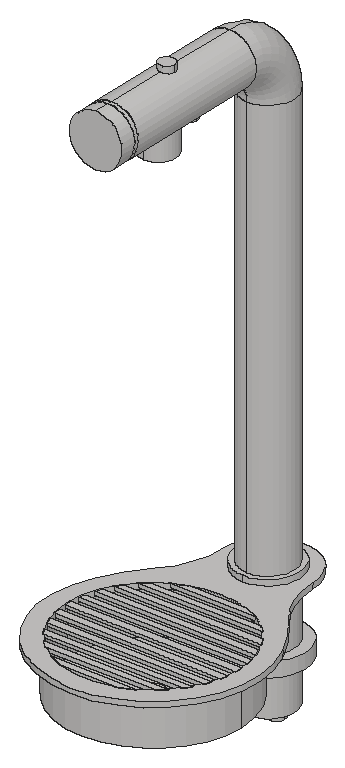
Revit family "QF_Marco_1000859", category Specialty Equipment, Revit 2019
Family settings
  Round Connector Dimension = Use Diameter
  Part Type = Normal
  Work Plane-Based = No
  Always vertical = Yes
  Cut with Voids When Loaded = No
  Shared = No
  Room Calculation Point = No
Parameters
  Weight in Pounds = 21
  Watts = 0 W
  Volts = 0 V
  URL Cutsheet = ""
  Specification by User = ""
  Specification by Manufacturer = ""
  Serial Number = ""
  Seismic Rating = ""
  SMACNA No = ""
  Revision Code = ""
  Plumbing Remarks = ""
  Plumbing Connection Type = ""
  Phase = 1
  Number of Poles = 1
  NAFEM Spec ID Number = ""
  Model = "1000859"
  Min Ckt Ampacity = 0 A
  Max Overcurrent Protection = 0 A
  Masterspec = ""
  Manufacturer = "Marco"
  Length = 1.181"
  Item Number = ""
  Installed By = ""
  Identify Quantity as Lot = yes
  Hot Water Temperature = 0 °F
  Hot Water Size = 1/4"
  Hot Water RI Height = 0.000"
  Hot Water Minimum Pressure = 0.00 psi
  Hot Water Maximum Pressure = 0.00 psi
  Hot Water Flow = 0 GPM
  Hot Water Consumption = 0 GPM
  Hot Water Connection Height = 0.000"
  Height = 9.724"
  HP = ""
  Furnished By = ""
  Foodservice Equipment Identifier = yes
  FL Amps = 0 A
  Electrical Remarks = ""
  Electric Connection Type = ""
  Elec Conn RI Height = 0.000"
  Elec Conn Connection Height = 0.000"
  Description = "Una Font - 247mm High"
  Depth = 5.433"
  Cycle = 60 Hz
  Conn Plug = "NEMA L6-20P"
  Conn Conduit = yes
  Cold Water Temperature Recommended = 0 °F
  Cold Water Size = 1/4"
  Cold Water RI Height = 0.000"
  Cold Water Minimum Pressure = 0.00 psi
  Cold Water Maximum Pressure = 0.00 psi
  Cold Water Flow = 0 GPM
  Cold Water Consumption = ""
  Cold Water Connection Height = 0.000"
  CSI MasterFormat = ""
  Apparent Power = 0 VA
Reference planes (in)
  plane 1 "BACK": y = 0
  plane 2: z = 0
  plane 3 "LEFT": x = 0
  plane 4 "RIGHT": x = 1.181
  plane 5 "FRONT": y = -5.433
  plane 6 "TOP": z = 9.724
  plane 7 "Center Y": x = 0.5905
  plane 8 "Center X": y = -2.7165
  plane 9: y = -1.181
  plane 10: y = -4.33325
  plane 11: y = -3.44078
  plane 12: y = -2.54831
  plane 13: z = 11.299
Forms (in)
  Sweep 1, solid, material "QF_Metal - Stainless - Polished"
    path origin (0, 0, -0.017) x (0, 1, 0) y (0, 0, 1)
      loop
        line (-0.5905, 0.017) -> (-0.5905, 9.63994)
        arc (-0.5905, 9.63994) -> (-0.90845, 10.40753) -> (-1.67604, 10.72548) r 1.08554
    profile origin (0, -0.5905, 4.81147) x (0, -1, 0) y (1, 0, 0)
      loop
        circle (0, 0.5905) r 0.5905
  Extrusion 2, solid, material "QF_Metal - Stainless - Polished"
    sketch origin (0, -2.06004, 10.7085) x (1, 0, 0) y (0, 0, 1)
      loop
        circle (0.5905, -0.00002) r 0.5905
    from -0.384 to 2.92621
  Extrusion 3, solid, material "QF_Metal - Stainless - Polished"
    sketch origin (0, -4.98625, 10.7085) x (1, 0, 0) y (0, 0, 1)
      loop
        circle (0.5905, -0.00002) r 0.5905
    from 0 to 0.10183
  Extrusion 4, solid, material "QF_Metal - Stainless - Polished"
    sketch origin (0, -5.08807, 10.7085) x (1, 0, 0) y (0, 0, 1)
      loop
        circle (0.5905, -0.00002) r 0.5905
    from 0 to 0.34493
  Revolve 5, solid, material "QF_Metal - Stainless - Polished"
    sketch origin (0.5905, 7.45921, 47.98302) x (0, 1, 0) y (0, 0, 1)
      loop
        line (-11.13718, -38.2591) -> (-11.13718, -37.276) -> (-11.53615, -37.276) -> (-11.53615, -38.2591) -> (-11.13718, -38.2591)
      axis (-11.13718, -37.276) -> (-11.13718, -38.2591)
    angle from 0 to 360
  Extrusion 6, solid, material "QF_Metal - Stainless - Polished"
    sketch origin (-38.39759, -180.26874, 9.707) x (-1, 0, 0) y (0, -1, 0)
      loop
        circle (-38.98809, -176.82796) r 0.17578
    from 1.4737 to 1.71424
  Extrusion 7, solid, material "QF_Metal - Stainless - Polished"
    sketch origin (-38.39759, -179.4462, 9.707) x (-1, 0, 0) y (0, -1, 0)
      loop
        circle (-38.98809, -176.63096) r 0.17578
    from 0.3178 to 0.58643
  Extrusion 8, solid, material "QF_Metal - Stainless - Polished"
    sketch origin (0, -0.5905, 0) x (1, 0, 0) y (0, -1, 0)
      loop
        circle (0.5905, 0) r 0.7155
    from 0 to -0.125
  Extrusion 9, solid, material "QF_Metal - Stainless - Polished"
    sketch origin (0, -0.5905, 0) x (0, 1, 0) y (1, 0, 0)
      loop
        circle (0, 0.5905) r 0.5905
    from 0 to 2.75
  Extrusion 10, solid, material "QF_Metal - Stainless - Polished"
    sketch origin (0, -0.5905, 0) x (1, 0, 0) y (0, -1, 0)
      loop
        circle (0.5905, 0) r 0.8405
    from 1.77911 to 1.45383
  Extrusion 11, solid, material "QF_Metal - Stainless - Polished"
    sketch origin (0, -0.5905, -2.75) x (-1, 0, 0) y (0, 1, 0)
      loop
        circle (-0.5905, 0.32642) r 0.16339
      loop
        circle (-0.30741, -0.11184) r 0.19304
      loop
        circle (-0.87359, -0.11184) r 0.19304
    from 0 to 0.125
Cuts and joins
  joined: Extrusion 2, Revolve 5, Extrusion 6, Extrusion 7
  joined: Sweep 1, Extrusion 8
  joined: Extrusion 9, Extrusion 10
Lines and regions (in)
  symbolic lines
    curve 1: line (0, -5.433, 0) -> (1.181, -5.433, 0)
    curve 2: line (1.181, -5.433, 0) -> (1.181, -0.58906, 0)
    curve 3: line (0, -5.433, 0) -> (0, -0.58906, 0)
    curve 4: arc (1.181, -0.58906, 0) -> (0.5905, 0.00144, 0) -> (0, -0.58906, 0) r 0.5905
    curve 5: arc (0.76628, -3.44078, 0) -> (0.5905, -3.265, 0) -> (0.41472, -3.44078, 0) r 0.17578
    curve 6: arc (0.41472, -3.44078, 0) -> (0.5905, -3.61656, 0) -> (0.76628, -3.44078, 0) r 0.17578
    curve 7: line (0, -1.67604, 0) -> (1.181, -1.67604, 0)
    curve 8: line (0, -4.98625, 0) -> (1.181, -4.98625, 0)
    curve 9: line (1.181, -5.08807, 0) -> (0, -5.08807, 0)
Dimensions and locks (in)
  equal spacing: plane 3 "LEFT", plane 7 "Center Y", plane 4 "RIGHT"
  "Length": plane 3 "LEFT" to plane 4 "RIGHT"
  equal spacing: plane 5 "FRONT", plane 8 "Center X", plane 1 "BACK"
  "Depth": plane 5 "FRONT" to plane 1 "BACK"
  "Height": plane 6 "TOP" to level
  plane 5 "FRONT" to plane 1 "BACK" = 5.433"
  plane 6 "TOP" to level = 9.724"
  Extrusion 4 to Extrusion 4 = 1.181"
  plane 13 to plane 2 = 11.299"
  aligned and locked: level to plane 2
Automatic sketch dimensions
  Sweep 1 sketch curve to profile plane = 0.000"
  plane 3 "LEFT" to Sweep 1 sketch curve = 0.5905"
  Revolve 5 sketch curve to plane 6 "TOP" = 0.00008"
  Revolve 5 sketch curve to plane 5 "FRONT" = 1.35606"
  Revolve 5 sketch curve to Revolve 5 sketch curve = 0.39897"
  plane 6 "TOP" to Revolve 5 sketch curve = 0.98302"
  Revolve 5 sketch curve to Revolve 5 sketch curve = 0.000"
  Revolve 5 sketch curve to Revolve 5 sketch curve = 0.23608"
  Revolve 5 sketch curve to Revolve 5 sketch curve = 0.10781"
  Extrusion 6 sketch curve to plane 7 "Center Y" = 0.000"
  Extrusion 6 sketch curve to plane 11 = 0.000"
  Extrusion 7 sketch curve to plane 7 "Center Y" = 0.000"
  Extrusion 7 sketch curve to plane 8 "Center X" = 0.09875"
  Extrusion 11 sketch curve to Extrusion 11 sketch curve = 0.28309"  (x2)
  Extrusion 11 sketch curve to Extrusion 11 sketch curve = 0.43826"  (x2)
  curve 1 to plane 3 "LEFT" = 0.000"
  curve 4 to plane 7 "Center Y" = 0.000"
  plane 5 "FRONT" to curve 1 = 0.000"
  plane 1 "BACK" to curve 3 = 0.58906"
  curve 5 to plane 7 "Center Y" = 0.000"
  curve 6 to plane 8 "Center X" = 0.72428"
  curve 5 to curve 5 = 0.17578"
  plane 9 to curve 7 = 0.49504"
  curve 8 to plane 5 "FRONT" = 0.44675"
  curve 9 to curve 8 = 0.10183"
  Sweep 1 sketch curve to level = 0.000"
  Sweep 1 sketch curve to plane 6 "TOP" = 0.10106"
  plane 9 to Sweep 1 sketch curve = 0.49504"
  plane 1 "BACK" to Sweep 1 sketch curve = 0.5905"
  radius of Sweep 1 sketch curve = 0.5905"
  radius of Extrusion 2 sketch curve to Sweep 1 = 0.000"
  radius of Extrusion 3 sketch curve to Extrusion 2 = 0.000"
  radius of Extrusion 4 sketch curve to Extrusion 3 = 0.000"
  radius of Extrusion 6 sketch curve = 0.17578"
  radius of Extrusion 7 sketch curve = 0.17578"
  radius of Sweep 1 to Extrusion 8 sketch curve = 0.125"
  radius of Extrusion 9 sketch curve to Extrusion 8 = 0.125"
  radius of Sweep 1 to Extrusion 10 sketch curve = 0.250"
  radius of Extrusion 11 sketch curve = 0.16339"
  radius of Extrusion 11 sketch curve = 0.19304"  (x2)
Nested families (in)
  nested 1: "Drain" at (-1.75202, 0.42323, -2.05), type "Drain"
Connectors (in)
  piping at (0.30741, -0.70234, -2.875), diameter 0.25
    settings: on Extrusion 11, index 1, connector inside diameter 24", connector length 0.000", flow factor 0, pipe flow 0 GPM, pressure drop 0.00 psi, fitting loss kfactor 0, connector angle 0.00°, fixture units 0, engagement length 0.000", angle of deflection 0.00°, flow configuration 1, flow direction 1, fitting loss method 0, system type 19, joint type 0, gender type 0, connector reference index -1, connector utility 0, adjustable connector no, is connector primary yes, connector description "COLD WATER INLET"
  piping at (0.87359, -0.70234, -2.875), diameter 0.25
    settings: on Extrusion 11, index 2, connector inside diameter 24", connector length 0.000", flow factor 0, pipe flow 0 GPM, pressure drop 0.00 psi, fitting loss kfactor 0, connector angle 0.00°, fixture units 0, engagement length 0.000", angle of deflection 0.00°, flow configuration 1, flow direction 1, fitting loss method 0, system type 19, joint type 0, gender type 0, connector reference index -1, connector utility 0, adjustable connector no, is connector primary no, connector description "COLD WATER INLET"
  electrical at (0.5905, -0.26408, -2.875), driven by "Volts", driven by "Watts"
    settings: on Extrusion 11, index 3, voltage 0 V, apparent load 0 VA, apparent load phase1 0 VA, apparent load phase2 0 VA, apparent load phase3 0 VA, power factor 1, load classification "Other", number of poles 1, system type 30, power factor state 1, is connector primary yes, connector utility no, sub classification motor no, connector description "ELECTRICAL CONNECTION"
Definition of nested family "Drain"
  Parameters (values of type "Drain")
    Weight in Pounds = 0
    URL Cutsheet = ""
    Specification by User = ""
    Specification by Manufacturer = ""
    Serial Number = ""
    Seismic Rating = ""
    SMACNA No = ""
    Revision Code = ""
    NAFEM Spec ID Number = ""
    Masterspec = ""
    Length = 4.68504"
    Item Number = ""
    Installed By = ""
    Identify Quantity as Lot = yes
    Height = 2.050"
    Furnished By = ""
    Foodservice Equipment Identifier = yes
    Description = ""
    Depth = 6.59449"
    CSI MasterFormat = ""
  Reference planes (in)
    plane 1 "BACK": y = 0
    plane 2: z = 0
    plane 3 "LEFT": x = 0
    plane 4 "RIGHT": x = 4.68504
    plane 5 "FRONT": y = -6.59449
    plane 6 "TOP": z = 2.05
    plane 7 "Center Y": x = 2.34252
    plane 8 "Center X": y = -3.29724
    plane 9: y = -4.25449
    plane 10: z = 0.91
  Forms (in)
    Extrusion 1, solid
      sketch origin (-38.39759, -180, 2.05) x (-1, 0, 0) y (0, -1, 0)
        loop
          arc (-39.2471, -177.69749) -> (-38.90675, -177.25214) -> (-38.62978, -176.76484) r 4.13386
          arc (-38.62978, -176.76484) -> (-40.74011, -173.40551) -> (-42.85045, -176.76484) r 2.34252
          arc (-42.85045, -176.76484) -> (-42.57347, -177.25214) -> (-42.23313, -177.69749) r 4.13386
          arc (-42.23313, -177.69749) -> (-41.87037, -178.30225) -> (-41.74405, -178.99606) r 1.9685
          arc (-41.74405, -178.99606) -> (-40.74011, -180) -> (-39.73618, -178.99606) r 1.00394
          arc (-39.73618, -178.99606) -> (-39.60985, -178.30225) -> (-39.2471, -177.69749) r 1.9685
        loop
          circle (-40.74011, -175.74803) r 1.92913
        loop
          circle (-40.74011, -178.99606) r 0.58071
      from 0 to -0.12
    Extrusion 2, solid
      sketch origin (-38.39759, -180, 1.93) x (0, -1, 0) y (-1, 0, 0)
        loop
          circle (-175.74803, -40.74011) r 1.92913
        loop
          circle (-175.74803, -40.74011) r 1.99213
      from 0 to 1.02
    Extrusion 3, solid
      sketch origin (0, 0, 0) x (1, 0, 0) y (0, 1, 0)
        loop
          circle (2.34252, -4.25197) r 0.24016
      from 0 to 0.973
    Extrusion 4, solid
      sketch origin (0, -5.36203, 0.91) x (0, -1, 0) y (1, 0, 0)
        loop
          circle (-1.11006, 2.34252) r 1.92913
      from 0 to 0.063
    Extrusion 5, solid
      sketch origin (-38.39759, -180, 2.05) x (-1, 0, 0) y (0, -1, 0)
        loop
          arc (-38.85886, -176.17517) -> (-38.84283, -176.09713) -> (-38.83003, -176.0185) r 1.92913
          line (-38.83003, -176.0185) -> (-42.65019, -176.0185)
          arc (-42.65019, -176.0185) -> (-42.6374, -176.09713) -> (-42.62136, -176.17517) r 1.92913
          line (-42.62136, -176.17517) -> (-38.85886, -176.17517)
        loop
          arc (-38.97391, -176.52398) -> (-38.94179, -176.44631) -> (-38.91308, -176.36731) r 1.92913
          line (-38.91308, -176.36731) -> (-42.56715, -176.36731)
          arc (-42.56715, -176.36731) -> (-42.53844, -176.44631) -> (-42.50631, -176.52398) r 1.92913
          line (-42.50631, -176.52398) -> (-38.97391, -176.52398)
        loop
          arc (-39.17279, -176.87278) -> (-39.12023, -176.79567) -> (-39.07147, -176.71611) r 1.92913
          line (-39.07147, -176.71611) -> (-42.40876, -176.71611)
          arc (-42.40876, -176.71611) -> (-42.35999, -176.79567) -> (-42.30743, -176.87278) r 1.92913
          line (-42.30743, -176.87278) -> (-39.17279, -176.87278)
        loop
          arc (-39.49505, -177.22159) -> (-39.4104, -177.14568) -> (-39.33037, -177.06492) r 1.92913
          line (-39.33037, -177.06492) -> (-42.14985, -177.06492)
          arc (-42.14985, -177.06492) -> (-42.06982, -177.14568) -> (-41.98518, -177.22159) r 1.92913
          line (-41.98518, -177.22159) -> (-39.49505, -177.22159)
        loop
          arc (-40.10722, -177.57039) -> (-39.93328, -177.50034) -> (-39.76696, -177.41372) r 1.92913
          line (-39.76696, -177.41372) -> (-41.71326, -177.41372)
          arc (-41.71326, -177.41372) -> (-41.54695, -177.50034) -> (-41.37301, -177.57039) r 1.92913
          line (-41.37301, -177.57039) -> (-40.10722, -177.57039)
        loop
          arc (-38.81257, -175.82637) -> (-38.81098, -175.74803) -> (-38.81257, -175.6697) r 1.92913
          line (-38.81257, -175.6697) -> (-42.66766, -175.6697)
          arc (-42.66766, -175.6697) -> (-42.66925, -175.74803) -> (-42.66766, -175.82637) r 1.92913
          line (-42.66766, -175.82637) -> (-38.81257, -175.82637)
        loop
          line (-38.85886, -175.31585) -> (-42.62136, -175.31585)
          arc (-42.62136, -175.31585) -> (-42.6374, -175.39389) -> (-42.65019, -175.47252) r 1.92913
          line (-42.65019, -175.47252) -> (-38.83003, -175.47252)
          arc (-38.83003, -175.47252) -> (-38.84283, -175.39389) -> (-38.85886, -175.31585) r 1.92913
        loop
          line (-38.97391, -174.96705) -> (-42.50631, -174.96705)
          arc (-42.50631, -174.96705) -> (-42.53844, -175.04472) -> (-42.56715, -175.12372) r 1.92913
          line (-42.56715, -175.12372) -> (-38.91308, -175.12372)
          arc (-38.91308, -175.12372) -> (-38.94179, -175.04472) -> (-38.97391, -174.96705) r 1.92913
        loop
          line (-39.17279, -174.61824) -> (-42.30743, -174.61824)
          arc (-42.30743, -174.61824) -> (-42.35999, -174.69535) -> (-42.40876, -174.77491) r 1.92913
          line (-42.40876, -174.77491) -> (-39.07147, -174.77491)
          arc (-39.07147, -174.77491) -> (-39.12023, -174.69535) -> (-39.17279, -174.61824) r 1.92913
        loop
          line (-39.49505, -174.26944) -> (-41.98518, -174.26944)
          arc (-41.98518, -174.26944) -> (-42.06982, -174.34534) -> (-42.14985, -174.4261) r 1.92913
          line (-42.14985, -174.4261) -> (-39.33037, -174.4261)
          arc (-39.33037, -174.4261) -> (-39.4104, -174.34534) -> (-39.49505, -174.26944) r 1.92913
        loop
          line (-40.10722, -173.92063) -> (-41.37301, -173.92063)
          arc (-41.37301, -173.92063) -> (-41.54695, -173.99069) -> (-41.71326, -174.0773) r 1.92913
          line (-41.71326, -174.0773) -> (-39.76696, -174.0773)
          arc (-39.76696, -174.0773) -> (-39.93328, -173.99069) -> (-40.10722, -173.92063) r 1.92913
      from 0 to -0.07329
  Lines and regions (in)
    symbolic lines
      curve 1: arc (3.34646, -1.00394, 0) -> (2.34252, 0, 0) -> (1.33858, -1.00394, 0) r 1.00394
      curve 2: arc (1.33858, -1.00394, 0) -> (1.21226, -1.69775, 0) -> (0.84951, -2.30251, 0) r 1.9685
      curve 3: arc (0.84951, -2.30251, 0) -> (0.50916, -2.74786, 0) -> (0.23219, -3.23516, 0) r 4.13386
      curve 4: arc (0.23219, -3.23516, 0) -> (2.34252, -6.59449, 0) -> (4.45285, -3.23516, 0) r 2.34252
      curve 5: arc (4.45285, -3.23516, 0) -> (4.17588, -2.74786, 0) -> (3.83553, -2.30251, 0) r 4.13386
      curve 6: arc (3.83553, -2.30251, 0) -> (3.47278, -1.69775, 0) -> (3.34646, -1.00394, 0) r 1.9685
      curve 7: arc (1.76181, -1.00394, 0) -> (2.34252, -0.42323, 0) -> (2.92323, -1.00394, 0) r 0.58071
      curve 8: line (1.7092, -6.07937, 0) -> (2.97584, -6.07937, 0)
      curve 9: line (3.31635, -5.9227, 0) -> (1.36869, -5.9227, 0)
      curve 10: line (1.09653, -5.73056, 0) -> (1.76181, -5.73056, 0)
      curve 11: line (3.75335, -5.5739, 0) -> (2.92323, -5.5739, 0)
      curve 12: line (0.77391, -5.38176, 0) -> (1.76181, -5.38176, 0)
      curve 13: line (4.01261, -5.22509, 0) -> (2.92323, -5.22509, 0)
      curve 14: line (0.57467, -5.03295, 0) -> (1.76181, -5.03295, 0)
      curve 15: line (4.17136, -4.87628, 0) -> (2.92323, -4.87628, 0)
      curve 16: line (0.45926, -4.68415, 0) -> (1.76181, -4.68415, 0)
      curve 17: line (4.25479, -4.52748, 0) -> (2.92323, -4.52748, 0)
      curve 18: line (0.41235, -4.3303, 0) -> (1.76181, -4.3303, 0)
      curve 19: line (4.27248, -4.17363, 0) -> (2.92323, -4.17363, 0)
      curve 20: line (0.43025, -3.9815, 0) -> (1.76181, -3.9815, 0)
      curve 21: line (4.22578, -3.82483, 0) -> (2.92323, -3.82483, 0)
      curve 22: line (0.51368, -3.63269, 0) -> (1.76181, -3.63269, 0)
      curve 23: line (4.11037, -3.47602, 0) -> (2.92323, -3.47602, 0)
      curve 24: line (0.67242, -3.28389, 0) -> (1.76181, -3.28389, 0)
      curve 25: line (3.91113, -3.12722, 0) -> (2.92323, -3.12722, 0)
      curve 26: line (0.93169, -2.93508, 0) -> (1.76181, -2.93508, 0)
      curve 27: line (3.58851, -2.77841, 0) -> (2.92323, -2.77841, 0)
      curve 28: arc (1.76181, -2.41219, 0) -> (2.34252, -6.18614, 0) -> (2.92323, -2.41219, 0) r 1.93165
      curve 29: line (1.36869, -2.58628, 0) -> (1.76181, -2.58628, 0)
      curve 30: line (2.97584, -2.42961, 0) -> (2.92323, -2.42961, 0)
      curve 31: line (2.92323, -5.73056, 0) -> (3.58851, -5.73056, 0)
      curve 32: line (1.76181, -5.5739, 0) -> (0.93169, -5.5739, 0)
      curve 33: line (2.92323, -5.38176, 0) -> (3.91113, -5.38176, 0)
      curve 34: line (1.76181, -5.22509, 0) -> (0.67242, -5.22509, 0)
      curve 35: line (2.92323, -5.03295, 0) -> (4.11037, -5.03295, 0)
      curve 36: line (1.76181, -4.87628, 0) -> (0.51368, -4.87628, 0)
      curve 37: line (2.92323, -4.68415, 0) -> (4.22578, -4.68415, 0)
      curve 38: line (1.76181, -4.52748, 0) -> (0.43025, -4.52748, 0)
      curve 39: line (2.92323, -4.3303, 0) -> (4.27268, -4.3303, 0)
      curve 40: line (1.76181, -4.17363, 0) -> (0.41256, -4.17363, 0)
      curve 41: line (2.92323, -3.9815, 0) -> (4.25479, -3.9815, 0)
      curve 42: line (1.76181, -3.82483, 0) -> (0.45926, -3.82483, 0)
      curve 43: line (2.92323, -3.63269, 0) -> (4.17136, -3.63269, 0)
      curve 44: line (1.76181, -3.47602, 0) -> (0.57467, -3.47602, 0)
      curve 45: line (2.92323, -3.28389, 0) -> (4.01261, -3.28389, 0)
      curve 46: line (1.76181, -3.12722, 0) -> (0.77391, -3.12722, 0)
      curve 47: line (2.92323, -2.93508, 0) -> (3.75335, -2.93508, 0)
      curve 48: line (1.76181, -2.77841, 0) -> (1.09653, -2.77841, 0)
      curve 49: line (2.92323, -2.58628, 0) -> (3.31635, -2.58628, 0)
      curve 50: line (1.76181, -2.42961, 0) -> (1.7092, -2.42961, 0)
  Dimensions and locks (in)
    equal spacing: plane 3 "LEFT", plane 7 "Center Y", plane 4 "RIGHT"
    "Length": plane 3 "LEFT" to plane 4 "RIGHT"
    equal spacing: plane 5 "FRONT", plane 8 "Center X", plane 1 "BACK"
    "Depth": plane 5 "FRONT" to plane 1 "BACK"
    "Height": plane 6 "TOP" to level
    aligned and locked: level to plane 2
  Automatic sketch dimensions
    Extrusion 1 sketch curve to Extrusion 1 sketch curve = 0.000"  (x9)
    Extrusion 1 sketch curve to plane 7 "Center Y" = 0.000"  (x2)
    plane 4 "RIGHT" to Extrusion 1 sketch curve = 0.72874"
    Extrusion 1 sketch curve to plane 4 "RIGHT" = 0.62992"
    plane 3 "LEFT" to Extrusion 1 sketch curve = 0.72874"
    Extrusion 1 sketch curve to plane 3 "LEFT" = 0.62992"
    plane 1 "BACK" to Extrusion 1 sketch curve = 1.00394"
    Extrusion 1 sketch curve to plane 8 "Center X" = 0.95472"
    Extrusion 1 sketch curve to Extrusion 1 sketch curve = 0.77756"  (x2)
    Extrusion 1 sketch curve to Extrusion 1 sketch curve = 1.00394"
    Extrusion 4 sketch curve to Extrusion 4 sketch curve = 0.000"  (x2)
    Extrusion 4 sketch curve to plane 7 "Center Y" = 0.000"
    plane 9 to Extrusion 4 sketch curve = 0.00252"
    plane 3 "LEFT" to Extrusion 4 sketch curve = 0.41339"
    Extrusion 5 sketch curve to Extrusion 5 sketch curve = 0.000"  (x223)
    Extrusion 5 sketch curve to plane 7 "Center Y" = 0.000"  (x2)
    plane 7 "Center Y" to Extrusion 5 sketch curve = 0.6329"  (x2)
    Extrusion 5 sketch curve to Extrusion 5 sketch curve = 0.34026"  (x2)
    Extrusion 5 sketch curve to Extrusion 5 sketch curve = 0.27192"  (x4)
    Extrusion 5 sketch curve to Extrusion 5 sketch curve = 0.16467"  (x2)
    Extrusion 5 sketch curve to Extrusion 5 sketch curve = 0.15758"  (x4)
    plane 8 "Center X" to Extrusion 5 sketch curve = 0.01336"
    Extrusion 5 sketch curve to Extrusion 5 sketch curve = 0.10132"  (x2)
    Extrusion 5 sketch curve to Extrusion 5 sketch curve = 0.09756"  (x4)
    Extrusion 5 sketch curve to Extrusion 5 sketch curve = 0.06083"  (x2)
    Extrusion 5 sketch curve to Extrusion 5 sketch curve = 0.05422"  (x4)
    Extrusion 5 sketch curve to Extrusion 5 sketch curve = 0.02883"  (x2)
    plane 9 to Extrusion 5 sketch curve = 0.08085"
    Extrusion 5 sketch curve to Extrusion 5 sketch curve = 0.01746"  (x2)
    Extrusion 5 sketch curve to plane 9 = 0.07581"
    Extrusion 5 sketch curve to plane 7 "Center Y" = 0.6329"  (x2)
    Extrusion 5 sketch curve to Extrusion 5 sketch curve = 0.19214"  (x7)
    Extrusion 5 sketch curve to plane 8 "Center X" = 0.17878"
    Extrusion 5 sketch curve to plane 9 = 0.00252"
    Extrusion 5 sketch curve to Extrusion 5 sketch curve = 0.19718"
    curve 1 to curve 7 = 0.000"  (x2)
    curve 28 to plane 7 "Center Y" = 0.000"
    curve 4 to plane 7 "Center Y" = 0.000"
    curve 7 to plane 7 "Center Y" = 0.000"
    curve 28 to plane 9 = 0.000"
    plane 9 to curve 19 = 0.08085"
    curve 39 to plane 9 = 0.07581"
    plane 8 "Center X" to curve 45 = 0.01336"
    plane 3 "LEFT" to curve 5 = 0.72874"
    curve 2 to plane 3 "LEFT" = 0.62992"
    plane 4 "RIGHT" to curve 3 = 0.72874"
    curve 6 to plane 4 "RIGHT" = 0.62992"
    curve 38 to curve 18 = 0.19718"
    curve 16 to curve 17 = 0.15667"
    curve 5 to curve 36 = 0.15324"
    curve 3 to curve 15 = 0.15324"
    curve 35 to curve 15 = 0.15667"
    curve 13 to curve 14 = 0.19214"
    curve 33 to curve 13 = 0.15667"
    curve 32 to curve 12 = 0.19214"
    curve 10 to curve 11 = 0.15667"
    curve 28 to curve 4 = 0.00252"
    curve 19 to curve 20 = 0.19214"
    curve 20 to curve 21 = 0.15667"
    curve 21 to curve 43 = 0.19214"
    curve 22 to curve 44 = 0.15667"
    curve 24 to curve 46 = 0.15667"
    curve 25 to curve 26 = 0.19214"
    curve 26 to curve 27 = 0.15667"
    curve 27 to curve 49 = 0.19214"
    plane 1 "BACK" to curve 7 = 1.00394"
    curve 50 to curve 50 = 0.05261"
    curve 29 to curve 50 = 0.34051"
    curve 10 to curve 9 = 0.27215"
    curve 2 to curve 7 = 0.42323"
    curve 1 to curve 2 = 0.000"
    curve 3 to curve 2 = 0.000"
    curve 4 to curve 3 = 0.000"
    curve 28 to curve 30 = 0.05261"
    curve 6 to curve 1 = 0.000"
    curve 5 to curve 6 = 0.000"
    curve 29 to curve 49 = 0.000"
    curve 48 to curve 29 = 0.19214"
    curve 47 to curve 27 = 0.15667"
    curve 24 to curve 25 = 0.15667"
    plane 8 "Center X" to curve 24 = 0.01336"
    curve 22 to curve 23 = 0.15667"
    curve 22 to plane 8 "Center X" = 0.33545"
    curve 42 to curve 22 = 0.19214"
    plane 7 "Center Y" to curve 41 = 0.58071"
    curve 41 to curve 21 = 0.15667"
    plane 9 to curve 40 = 0.08085"
    curve 8 to curve 31 = 0.34881"
    curve 38 to plane 9 = 0.27299"
    curve 37 to curve 17 = 0.15667"
    curve 14 to curve 5 = 0.00343"
    curve 13 to curve 35 = 0.19214"
    curve 34 to curve 14 = 0.19214"
    curve 11 to curve 33 = 0.19214"
    curve 32 to curve 34 = 0.34881"
    curve 8 to curve 10 = 0.34881"
    curve 38 to curve 16 = 0.029"
    curve 15 to curve 39 = 0.54598"
    plane 3 "LEFT" to curve 18 = 0.41235"
    curve 12 to plane 7 "Center Y" = 0.58071"
    curve 38 to plane 7 "Center Y" = 0.58071"
    curve 36 to curve 38 = 0.000"
    curve 10 to curve 12 = 0.000"
    curve 14 to curve 36 = 0.000"
    curve 40 to curve 38 = 0.000"
    curve 34 to curve 12 = 0.000"
    curve 42 to curve 40 = 0.000"
    curve 16 to curve 38 = 0.000"
    curve 32 to curve 10 = 0.000"
    curve 18 to curve 40 = 0.000"
    curve 29 to curve 50 = 0.000"
    curve 44 to curve 42 = 0.000"
    curve 46 to curve 44 = 0.000"
    curve 20 to curve 42 = 0.000"
    curve 28 to curve 50 = 0.000"
    curve 26 to curve 46 = 0.000"
    curve 48 to curve 26 = 0.000"
    curve 22 to curve 44 = 0.000"
    curve 24 to curve 46 = 0.000"
    plane 7 "Center Y" to curve 15 = 0.58071"
    plane 8 "Center X" to curve 3 = 0.06208"
    plane 7 "Center Y" to curve 25 = 0.58071"
    curve 47 to curve 25 = 0.000"
    curve 19 to curve 41 = 0.000"
    curve 21 to curve 41 = 0.000"
    curve 27 to curve 47 = 0.000"
    curve 49 to curve 27 = 0.000"
    curve 43 to curve 21 = 0.000"
    curve 28 to curve 49 = 0.000"
    curve 17 to curve 15 = 0.000"
    curve 45 to curve 25 = 0.000"
    curve 30 to curve 28 = 0.000"
    curve 31 to curve 8 = 0.05261"
    curve 39 to curve 19 = 0.000"
    curve 33 to curve 31 = 0.000"
    curve 37 to curve 17 = 0.000"
    curve 13 to curve 33 = 0.000"
    curve 11 to curve 31 = 0.000"
    curve 35 to curve 15 = 0.000"
    curve 23 to curve 43 = 0.000"
    radius of Extrusion 1 sketch curve = 1.92913"
    radius of Extrusion 1 sketch curve = 0.58071"
    radius of Extrusion 2 sketch curve to Extrusion 1 = 0.000"
    radius of Extrusion 1 to Extrusion 2 sketch curve = 0.063"
